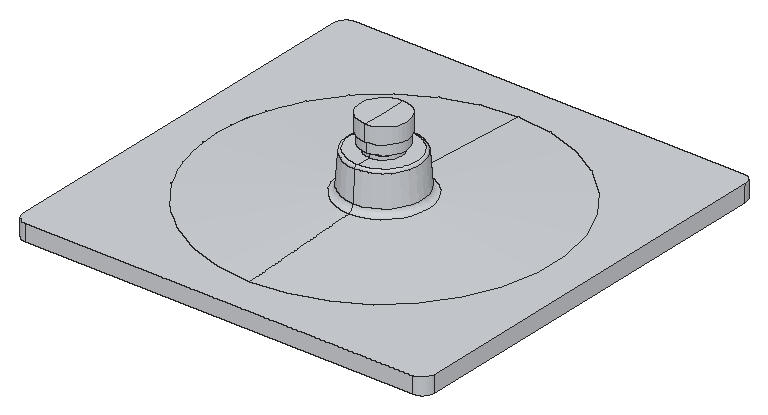
Revit family "ShowerHead-RainQshowerhead-Vitra-ShowerSystems-A45707", category Plumbing Fixtures, Revit 2017
Family settings
  Round Connector Dimension = Use Diameter
  Part Type = Normal
  OmniClass Number = 23.45.00.00
  OmniClass Title = Sanitary, Laundry, and Cleaning Equipment
  Work Plane-Based = Yes
  Always vertical = No
  Cut with Voids When Loaded = No
  Shared = Yes
  Room Calculation Point = No
Parameters (values of type "ShowerHead-RainQ-Vitra-ShowerSystems-A45707STA")
  Youtube = ""
  Weight Net (kg) = ""
  Waste Connection = no
  Warranty Period (Year) = "5"
  Vent Connection = no
  Uniformat II Description = "Plumbing Fixtures"
  Uniformat II Code = "D2010"
  Uniclass 2015 Name = "Shower heads"
  Uniclass 2015 Code = "Pr_40_20_87_76"
  Uniclass 2.0 Description = "Shower Heads"
  Uniclass 2.0 Code = "PR-35-06-81"
  Uniclass 1.4 Description = "Showers"
  Uniclass 1.4 Code = "L7214"
  URL = "https://vitraglobal.com/"
  UNSPSC Description = ""
  UNSPSC Code = ""
  Test Pressure = "16 bar"
  Technical description = "https://www.vitra.com.tr/pdf/A45707STA/"
  Tap hole Options (default) = ""
  Specification = ""
  Region South America = "All"
  Region Oceania = "All"
  Region North America = "All"
  Region Middle East = "All"
  Region Europe = "All"
  Region Asia = "All"
  Region Antarctica = "All"
  Region Africa = "All"
  Range of flow pressure = "0.5-10 bar (Recommended 3-5 Bars)"
  Range of Hot Water Supply = "5 - 65 °C"
  Product url = "https://www.vitra.com.tr/dus-sistemleri/dus-basliklari/dus-basliklari/rain-q-dus-basligi-sku-A45707STA/"
  Product manual = ""
  Product group = "Overhead showers"
  Product family = "Shower Systems"
  Product data url = ""
  Product certification = "https://www.vitraglobal.com/brochures/"
  Product Type = ""
  Product SKU = "A45707STA"
  Product Properties = ""
  Product Guid = ""
  OmniClass Description = "Shower Head Fixtures"
  OmniClass Code = "23-31 17 19"
  Number Of Connections = "1"
  Nominal Width (mm) = 220 mm
  Nominal Height (mm) = 55 mm
  Nominal Depth (mm) = 220 mm
  NBS Referans Description = ""
  NBS Referans Code = ""
  Mounting type = "Pipe Connect"
  Model = "A45707STA"
  Min. flow pressure of = "0.5 bar"
  Masterformat 2014 Description = "Residential Showers"
  Masterformat 2014 Code = "22 41 23"
  Manufacturer name = "Vitra"
  Manufacturer = "Vitra"
  Main Material = ""
  Installation instructions = ""
  IFC Classification = "Sanitary Terminal"
  Hot Water temperature, factory set to = "38 °C"
  Hot Water Supply (max.) = "80 °C"
  Help = ""
  HW Connection = yes
  GTIP code = ""
  Flow Rate(L/min. - 3 bar) = ""
  Features = ""
  EAN code = ""
  Design country = ""
  Description = "Faucets&Shower systems - Rain Q"
  Default Elevation = 1800 mm
  Connection Diameter (mm) = 15 mm
  Color = "Chrome"
  Coating Material = Chrome
  Calculated flow = ""
  CW Connection = yes
  COBIe Type Category = ""
  Brand = "Vitra"
  BIMobject category = "Showers"
  Article No. (default) = "A45707STA"
  Approvals = ""
  ApplicationType = ""
  Accessories (default) = ""
Reference planes
  plane 1 "Center (Front/Back)": y = 0
  plane 2: z = 0
  plane 3 "Center (Left/Right)": x = 0
  plane 4: z = -55
  plane 5: x = -110
  plane 6: x = 110
  plane 7: y = 109.995
  plane 8: y = -110.005
Forms (mm)
  Extrusion 1, solid, detail levels medium+fine
    sketch origin (0, 0, 0) x (1, 0, 0) y (0, 1, 0)
      loop
        line (103.5, 110.62) -> (-103.5, 110.62)
        arc (-103.5, 110.62) -> (-108.096, 108.717) -> (-110, 104.12) r 6.5
        line (-110, 104.12) -> (-110, -103.548)
        arc (-110, -103.548) -> (-108.109, -108.113) -> (-103.543, -110.005) r 6.457
        line (-103.543, -110.005) -> (103.5, -110.005)
        arc (103.5, -110.005) -> (108.096, -108.101) -> (110, -103.505) r 6.5
        line (110, -103.505) -> (110, 104.12)
        arc (110, 104.12) -> (108.096, 108.717) -> (103.5, 110.62) r 6.5
    from -41.513 to -50.231
  Revolve 2, solid, detail levels medium+fine
    sketch origin (0, 0, 0) x (0, 1, 0) y (0, 0, 1)
      loop
        line (0, 0) -> (0, -41.513) -> (90, -41.513) -> (23.665, -38.037)
        arc (23.665, -38.037) -> (21.398, -37.04) -> (20.362, -34.791) r 3.495
        line (20.362, -34.791) -> (19.225, -18.53)
        arc (19.225, -18.53) -> (18.797, -17.633) -> (17.872, -17.269) r 1.355
        line (17.872, -17.269) -> (9.689, -17.269) -> (9.689, -15.255) -> (11.585, -14.161) -> (11.585, -8.5) -> (12.613, -8.5) -> (12.613, 0) -> (0, 0)
      axis (0, 0) -> (0, -41.513)
    angle from 0 to 360
  Extrusion 3, solid, detail levels fine
    sketch origin (0, 0, 0) x (1, 0, 0) y (0, 1, 0)
      loop
        circle (-91.828, 92.401) r 2
    from -52.546 to -48.782
  Extrusion 4, solid, detail levels fine
    sketch origin (183.568, 0, 0) x (1, 0, 0) y (0, 1, 0)
      loop
        circle (-91.828, 92.401) r 2
    from -52.546 to -48.782
  Extrusion 5, solid, detail levels medium+fine
    sketch origin (16.688, 0, 0) x (1, 0, 0) y (0, 1, 0)
      loop
        circle (-91.828, 92.401) r 2
    from -52.546 to -48.782
  Extrusion 6, solid, detail levels fine
    sketch origin (33.376, 0, 0) x (1, 0, 0) y (0, 1, 0)
      loop
        circle (-91.828, 92.401) r 2
    from -52.546 to -48.782
  Extrusion 7, solid, detail levels fine
    sketch origin (50.064, 0, 0) x (1, 0, 0) y (0, 1, 0)
      loop
        circle (-91.828, 92.401) r 2
    from -52.546 to -48.782
  Extrusion 8, solid, detail levels fine
    sketch origin (66.752, 0, 0) x (1, 0, 0) y (0, 1, 0)
      loop
        circle (-91.828, 92.401) r 2
    from -52.546 to -48.782
  Extrusion 9, solid, detail levels fine
    sketch origin (83.44, 0, 0) x (1, 0, 0) y (0, 1, 0)
      loop
        circle (-91.828, 92.401) r 2
    from -52.546 to -48.782
  Extrusion 10, solid, detail levels fine
    sketch origin (100.128, 0, 0) x (1, 0, 0) y (0, 1, 0)
      loop
        circle (-91.828, 92.401) r 2
    from -52.546 to -48.782
  Extrusion 11, solid, detail levels fine
    sketch origin (116.816, 0, 0) x (1, 0, 0) y (0, 1, 0)
      loop
        circle (-91.828, 92.401) r 2
    from -52.546 to -48.782
  Extrusion 12, solid, detail levels fine
    sketch origin (133.504, 0, 0) x (1, 0, 0) y (0, 1, 0)
      loop
        circle (-91.828, 92.401) r 2
    from -52.546 to -48.782
  Extrusion 13, solid, detail levels fine
    sketch origin (150.192, 0, 0) x (1, 0, 0) y (0, 1, 0)
      loop
        circle (-91.828, 92.401) r 2
    from -52.546 to -48.782
  Extrusion 14, solid, detail levels fine
    sketch origin (166.88, 0, 0) x (1, 0, 0) y (0, 1, 0)
      loop
        circle (-91.828, 92.401) r 2
    from -52.546 to -48.782
  Extrusion 15, solid, detail levels fine
    sketch origin (0, -183.666, 0) x (1, 0, 0) y (0, 1, 0)
      loop
        circle (-91.828, 92.401) r 2
    from -52.546 to -48.782
  Extrusion 16, solid, detail levels fine
    sketch origin (183.568, -183.666, 0) x (1, 0, 0) y (0, 1, 0)
      loop
        circle (-91.828, 92.401) r 2
    from -52.546 to -48.782
  Extrusion 17, solid, detail levels fine
    sketch origin (16.688, -183.666, 0) x (1, 0, 0) y (0, 1, 0)
      loop
        circle (-91.828, 92.401) r 2
    from -52.546 to -48.782
  Extrusion 18, solid, detail levels fine
    sketch origin (33.376, -183.666, 0) x (1, 0, 0) y (0, 1, 0)
      loop
        circle (-91.828, 92.401) r 2
    from -52.546 to -48.782
  Extrusion 19, solid, detail levels fine
    sketch origin (50.064, -183.666, 0) x (1, 0, 0) y (0, 1, 0)
      loop
        circle (-91.828, 92.401) r 2
    from -52.546 to -48.782
  Extrusion 20, solid, detail levels fine
    sketch origin (66.752, -183.666, 0) x (1, 0, 0) y (0, 1, 0)
      loop
        circle (-91.828, 92.401) r 2
    from -52.546 to -48.782
  Extrusion 21, solid, detail levels fine
    sketch origin (83.44, -183.666, 0) x (1, 0, 0) y (0, 1, 0)
      loop
        circle (-91.828, 92.401) r 2
    from -52.546 to -48.782
  Extrusion 22, solid, detail levels fine
    sketch origin (100.128, -183.666, 0) x (1, 0, 0) y (0, 1, 0)
      loop
        circle (-91.828, 92.401) r 2
    from -52.546 to -48.782
  Extrusion 23, solid, detail levels fine
    sketch origin (116.816, -183.666, 0) x (1, 0, 0) y (0, 1, 0)
      loop
        circle (-91.828, 92.401) r 2
    from -52.546 to -48.782
  Extrusion 24, solid, detail levels fine
    sketch origin (133.504, -183.666, 0) x (1, 0, 0) y (0, 1, 0)
      loop
        circle (-91.828, 92.401) r 2
    from -52.546 to -48.782
  Extrusion 25, solid, detail levels fine
    sketch origin (150.192, -183.666, 0) x (1, 0, 0) y (0, 1, 0)
      loop
        circle (-91.828, 92.401) r 2
    from -52.546 to -48.782
  Extrusion 26, solid, detail levels fine
    sketch origin (166.88, -183.666, 0) x (1, 0, 0) y (0, 1, 0)
      loop
        circle (-91.828, 92.401) r 2
    from -52.546 to -48.782
  Extrusion 27, solid, detail levels fine
    sketch origin (0, -16.697, 0) x (1, 0, 0) y (0, 1, 0)
      loop
        circle (-91.828, 92.401) r 2
    from -52.546 to -48.782
  Extrusion 28, solid, detail levels fine
    sketch origin (183.568, -16.697, 0) x (1, 0, 0) y (0, 1, 0)
      loop
        circle (-91.828, 92.401) r 2
    from -52.546 to -48.782
  Extrusion 29, solid, detail levels fine
    sketch origin (16.688, -16.697, 0) x (1, 0, 0) y (0, 1, 0)
      loop
        circle (-91.828, 92.401) r 2
    from -52.546 to -48.782
  Extrusion 30, solid, detail levels fine
    sketch origin (33.376, -16.697, 0) x (1, 0, 0) y (0, 1, 0)
      loop
        circle (-91.828, 92.401) r 2
    from -52.546 to -48.782
  Extrusion 31, solid, detail levels fine
    sketch origin (50.064, -16.697, 0) x (1, 0, 0) y (0, 1, 0)
      loop
        circle (-91.828, 92.401) r 2
    from -52.546 to -48.782
  Extrusion 32, solid, detail levels fine
    sketch origin (66.752, -16.697, 0) x (1, 0, 0) y (0, 1, 0)
      loop
        circle (-91.828, 92.401) r 2
    from -52.546 to -48.782
  Extrusion 33, solid, detail levels fine
    sketch origin (83.44, -16.697, 0) x (1, 0, 0) y (0, 1, 0)
      loop
        circle (-91.828, 92.401) r 2
    from -52.546 to -48.782
  Extrusion 34, solid, detail levels fine
    sketch origin (100.128, -16.697, 0) x (1, 0, 0) y (0, 1, 0)
      loop
        circle (-91.828, 92.401) r 2
    from -52.546 to -48.782
  Extrusion 35, solid, detail levels fine
    sketch origin (116.816, -16.697, 0) x (1, 0, 0) y (0, 1, 0)
      loop
        circle (-91.828, 92.401) r 2
    from -52.546 to -48.782
  Extrusion 36, solid, detail levels fine
    sketch origin (133.504, -16.697, 0) x (1, 0, 0) y (0, 1, 0)
      loop
        circle (-91.828, 92.401) r 2
    from -52.546 to -48.782
  Extrusion 37, solid, detail levels fine
    sketch origin (150.192, -16.697, 0) x (1, 0, 0) y (0, 1, 0)
      loop
        circle (-91.828, 92.401) r 2
    from -52.546 to -48.782
  Extrusion 38, solid, detail levels fine
    sketch origin (166.88, -16.697, 0) x (1, 0, 0) y (0, 1, 0)
      loop
        circle (-91.828, 92.401) r 2
    from -52.546 to -48.782
  Extrusion 39, solid, detail levels fine
    sketch origin (0, -33.394, 0) x (1, 0, 0) y (0, 1, 0)
      loop
        circle (-91.828, 92.401) r 2
    from -52.546 to -48.782
  Extrusion 40, solid, detail levels fine
    sketch origin (183.568, -33.394, 0) x (1, 0, 0) y (0, 1, 0)
      loop
        circle (-91.828, 92.401) r 2
    from -52.546 to -48.782
  Extrusion 41, solid, detail levels fine
    sketch origin (16.688, -33.394, 0) x (1, 0, 0) y (0, 1, 0)
      loop
        circle (-91.828, 92.401) r 2
    from -52.546 to -48.782
  Extrusion 42, solid, detail levels fine
    sketch origin (33.376, -33.394, 0) x (1, 0, 0) y (0, 1, 0)
      loop
        circle (-91.828, 92.401) r 2
    from -52.546 to -48.782
  Extrusion 43, solid, detail levels fine
    sketch origin (50.064, -33.394, 0) x (1, 0, 0) y (0, 1, 0)
      loop
        circle (-91.828, 92.401) r 2
    from -52.546 to -48.782
  Extrusion 44, solid, detail levels fine
    sketch origin (66.752, -33.394, 0) x (1, 0, 0) y (0, 1, 0)
      loop
        circle (-91.828, 92.401) r 2
    from -52.546 to -48.782
  Extrusion 45, solid, detail levels fine
    sketch origin (83.44, -33.394, 0) x (1, 0, 0) y (0, 1, 0)
      loop
        circle (-91.828, 92.401) r 2
    from -52.546 to -48.782
  Extrusion 46, solid, detail levels fine
    sketch origin (100.128, -33.394, 0) x (1, 0, 0) y (0, 1, 0)
      loop
        circle (-91.828, 92.401) r 2
    from -52.546 to -48.782
  Extrusion 47, solid, detail levels fine
    sketch origin (116.816, -33.394, 0) x (1, 0, 0) y (0, 1, 0)
      loop
        circle (-91.828, 92.401) r 2
    from -52.546 to -48.782
  Extrusion 48, solid, detail levels fine
    sketch origin (133.504, -33.394, 0) x (1, 0, 0) y (0, 1, 0)
      loop
        circle (-91.828, 92.401) r 2
    from -52.546 to -48.782
  Extrusion 49, solid, detail levels fine
    sketch origin (150.192, -33.394, 0) x (1, 0, 0) y (0, 1, 0)
      loop
        circle (-91.828, 92.401) r 2
    from -52.546 to -48.782
  Extrusion 50, solid, detail levels fine
    sketch origin (166.88, -33.394, 0) x (1, 0, 0) y (0, 1, 0)
      loop
        circle (-91.828, 92.401) r 2
    from -52.546 to -48.782
  Extrusion 51, solid, detail levels fine
    sketch origin (0, -50.091, 0) x (1, 0, 0) y (0, 1, 0)
      loop
        circle (-91.828, 92.401) r 2
    from -52.546 to -48.782
  Extrusion 52, solid, detail levels fine
    sketch origin (183.568, -50.091, 0) x (1, 0, 0) y (0, 1, 0)
      loop
        circle (-91.828, 92.401) r 2
    from -52.546 to -48.782
  Extrusion 53, solid, detail levels fine
    sketch origin (16.688, -50.091, 0) x (1, 0, 0) y (0, 1, 0)
      loop
        circle (-91.828, 92.401) r 2
    from -52.546 to -48.782
  Extrusion 54, solid, detail levels fine
    sketch origin (33.376, -50.091, 0) x (1, 0, 0) y (0, 1, 0)
      loop
        circle (-91.828, 92.401) r 2
    from -52.546 to -48.782
  Extrusion 55, solid, detail levels fine
    sketch origin (50.064, -50.091, 0) x (1, 0, 0) y (0, 1, 0)
      loop
        circle (-91.828, 92.401) r 2
    from -52.546 to -48.782
  Extrusion 56, solid, detail levels fine
    sketch origin (66.752, -50.091, 0) x (1, 0, 0) y (0, 1, 0)
      loop
        circle (-91.828, 92.401) r 2
    from -52.546 to -48.782
  Extrusion 57, solid, detail levels fine
    sketch origin (83.44, -50.091, 0) x (1, 0, 0) y (0, 1, 0)
      loop
        circle (-91.828, 92.401) r 2
    from -52.546 to -48.782
  Extrusion 58, solid, detail levels fine
    sketch origin (100.128, -50.091, 0) x (1, 0, 0) y (0, 1, 0)
      loop
        circle (-91.828, 92.401) r 2
    from -52.546 to -48.782
  Extrusion 59, solid, detail levels fine
    sketch origin (116.816, -50.091, 0) x (1, 0, 0) y (0, 1, 0)
      loop
        circle (-91.828, 92.401) r 2
    from -52.546 to -48.782
  Extrusion 60, solid, detail levels fine
    sketch origin (133.504, -50.091, 0) x (1, 0, 0) y (0, 1, 0)
      loop
        circle (-91.828, 92.401) r 2
    from -52.546 to -48.782
  Extrusion 61, solid, detail levels fine
    sketch origin (150.192, -50.091, 0) x (1, 0, 0) y (0, 1, 0)
      loop
        circle (-91.828, 92.401) r 2
    from -52.546 to -48.782
  Extrusion 62, solid, detail levels fine
    sketch origin (166.88, -50.091, 0) x (1, 0, 0) y (0, 1, 0)
      loop
        circle (-91.828, 92.401) r 2
    from -52.546 to -48.782
  Extrusion 63, solid, detail levels fine
    sketch origin (0, -66.788, 0) x (1, 0, 0) y (0, 1, 0)
      loop
        circle (-91.828, 92.401) r 2
    from -52.546 to -48.782
  Extrusion 64, solid, detail levels fine
    sketch origin (183.568, -66.788, 0) x (1, 0, 0) y (0, 1, 0)
      loop
        circle (-91.828, 92.401) r 2
    from -52.546 to -48.782
  Extrusion 65, solid, detail levels fine
    sketch origin (16.688, -66.788, 0) x (1, 0, 0) y (0, 1, 0)
      loop
        circle (-91.828, 92.401) r 2
    from -52.546 to -48.782
  Extrusion 66, solid, detail levels fine
    sketch origin (33.376, -66.788, 0) x (1, 0, 0) y (0, 1, 0)
      loop
        circle (-91.828, 92.401) r 2
    from -52.546 to -48.782
  Extrusion 67, solid, detail levels fine
    sketch origin (50.064, -66.788, 0) x (1, 0, 0) y (0, 1, 0)
      loop
        circle (-91.828, 92.401) r 2
    from -52.546 to -48.782
  Extrusion 68, solid, detail levels fine
    sketch origin (66.752, -66.788, 0) x (1, 0, 0) y (0, 1, 0)
      loop
        circle (-91.828, 92.401) r 2
    from -52.546 to -48.782
  Extrusion 69, solid, detail levels fine
    sketch origin (83.44, -66.788, 0) x (1, 0, 0) y (0, 1, 0)
      loop
        circle (-91.828, 92.401) r 2
    from -52.546 to -48.782
  Extrusion 70, solid, detail levels fine
    sketch origin (100.128, -66.788, 0) x (1, 0, 0) y (0, 1, 0)
      loop
        circle (-91.828, 92.401) r 2
    from -52.546 to -48.782
  Extrusion 71, solid, detail levels fine
    sketch origin (116.816, -66.788, 0) x (1, 0, 0) y (0, 1, 0)
      loop
        circle (-91.828, 92.401) r 2
    from -52.546 to -48.782
  Extrusion 72, solid, detail levels fine
    sketch origin (133.504, -66.788, 0) x (1, 0, 0) y (0, 1, 0)
      loop
        circle (-91.828, 92.401) r 2
    from -52.546 to -48.782
  Extrusion 73, solid, detail levels fine
    sketch origin (150.192, -66.788, 0) x (1, 0, 0) y (0, 1, 0)
      loop
        circle (-91.828, 92.401) r 2
    from -52.546 to -48.782
  Extrusion 74, solid, detail levels fine
    sketch origin (166.88, -66.788, 0) x (1, 0, 0) y (0, 1, 0)
      loop
        circle (-91.828, 92.401) r 2
    from -52.546 to -48.782
  Extrusion 75, solid, detail levels fine
    sketch origin (0, -83.485, 0) x (1, 0, 0) y (0, 1, 0)
      loop
        circle (-91.828, 92.401) r 2
    from -52.546 to -48.782
  Extrusion 76, solid, detail levels fine
    sketch origin (183.568, -83.485, 0) x (1, 0, 0) y (0, 1, 0)
      loop
        circle (-91.828, 92.401) r 2
    from -52.546 to -48.782
  Extrusion 77, solid, detail levels fine
    sketch origin (16.688, -83.485, 0) x (1, 0, 0) y (0, 1, 0)
      loop
        circle (-91.828, 92.401) r 2
    from -52.546 to -48.782
  Extrusion 78, solid, detail levels fine
    sketch origin (33.376, -83.485, 0) x (1, 0, 0) y (0, 1, 0)
      loop
        circle (-91.828, 92.401) r 2
    from -52.546 to -48.782
  Extrusion 79, solid, detail levels fine
    sketch origin (50.064, -83.485, 0) x (1, 0, 0) y (0, 1, 0)
      loop
        circle (-91.828, 92.401) r 2
    from -52.546 to -48.782
  Extrusion 80, solid, detail levels fine
    sketch origin (66.752, -83.485, 0) x (1, 0, 0) y (0, 1, 0)
      loop
        circle (-91.828, 92.401) r 2
    from -52.546 to -48.782
  Extrusion 81, solid, detail levels fine
    sketch origin (83.44, -83.485, 0) x (1, 0, 0) y (0, 1, 0)
      loop
        circle (-91.828, 92.401) r 2
    from -52.546 to -48.782
  Extrusion 82, solid, detail levels fine
    sketch origin (100.128, -83.485, 0) x (1, 0, 0) y (0, 1, 0)
      loop
        circle (-91.828, 92.401) r 2
    from -52.546 to -48.782
  Extrusion 83, solid, detail levels fine
    sketch origin (116.816, -83.485, 0) x (1, 0, 0) y (0, 1, 0)
      loop
        circle (-91.828, 92.401) r 2
    from -52.546 to -48.782
  Extrusion 84, solid, detail levels fine
    sketch origin (133.504, -83.485, 0) x (1, 0, 0) y (0, 1, 0)
      loop
        circle (-91.828, 92.401) r 2
    from -52.546 to -48.782
  Extrusion 85, solid, detail levels fine
    sketch origin (150.192, -83.485, 0) x (1, 0, 0) y (0, 1, 0)
      loop
        circle (-91.828, 92.401) r 2
    from -52.546 to -48.782
  Extrusion 86, solid, detail levels fine
    sketch origin (166.88, -83.485, 0) x (1, 0, 0) y (0, 1, 0)
      loop
        circle (-91.828, 92.401) r 2
    from -52.546 to -48.782
  Extrusion 87, solid, detail levels fine
    sketch origin (0, -100.181, 0) x (1, 0, 0) y (0, 1, 0)
      loop
        circle (-91.828, 92.401) r 2
    from -52.546 to -48.782
  Extrusion 88, solid, detail levels fine
    sketch origin (183.568, -100.181, 0) x (1, 0, 0) y (0, 1, 0)
      loop
        circle (-91.828, 92.401) r 2
    from -52.546 to -48.782
  Extrusion 89, solid, detail levels fine
    sketch origin (16.688, -100.181, 0) x (1, 0, 0) y (0, 1, 0)
      loop
        circle (-91.828, 92.401) r 2
    from -52.546 to -48.782
  Extrusion 90, solid, detail levels fine
    sketch origin (33.376, -100.181, 0) x (1, 0, 0) y (0, 1, 0)
      loop
        circle (-91.828, 92.401) r 2
    from -52.546 to -48.782
  Extrusion 91, solid, detail levels fine
    sketch origin (50.064, -100.181, 0) x (1, 0, 0) y (0, 1, 0)
      loop
        circle (-91.828, 92.401) r 2
    from -52.546 to -48.782
  Extrusion 92, solid, detail levels fine
    sketch origin (66.752, -100.181, 0) x (1, 0, 0) y (0, 1, 0)
      loop
        circle (-91.828, 92.401) r 2
    from -52.546 to -48.782
  Extrusion 93, solid, detail levels fine
    sketch origin (83.44, -100.181, 0) x (1, 0, 0) y (0, 1, 0)
      loop
        circle (-91.828, 92.401) r 2
    from -52.546 to -48.782
  Extrusion 94, solid, detail levels fine
    sketch origin (100.128, -100.181, 0) x (1, 0, 0) y (0, 1, 0)
      loop
        circle (-91.828, 92.401) r 2
    from -52.546 to -48.782
  Extrusion 95, solid, detail levels fine
    sketch origin (116.816, -100.181, 0) x (1, 0, 0) y (0, 1, 0)
      loop
        circle (-91.828, 92.401) r 2
    from -52.546 to -48.782
  Extrusion 96, solid, detail levels fine
    sketch origin (133.504, -100.181, 0) x (1, 0, 0) y (0, 1, 0)
      loop
        circle (-91.828, 92.401) r 2
    from -52.546 to -48.782
  Extrusion 97, solid, detail levels fine
    sketch origin (150.192, -100.181, 0) x (1, 0, 0) y (0, 1, 0)
      loop
        circle (-91.828, 92.401) r 2
    from -52.546 to -48.782
  Extrusion 98, solid, detail levels fine
    sketch origin (166.88, -100.181, 0) x (1, 0, 0) y (0, 1, 0)
      loop
        circle (-91.828, 92.401) r 2
    from -52.546 to -48.782
  Extrusion 99, solid, detail levels fine
    sketch origin (0, -116.878, 0) x (1, 0, 0) y (0, 1, 0)
      loop
        circle (-91.828, 92.401) r 2
    from -52.546 to -48.782
  Extrusion 100, solid, detail levels fine
    sketch origin (183.568, -116.878, 0) x (1, 0, 0) y (0, 1, 0)
      loop
        circle (-91.828, 92.401) r 2
    from -52.546 to -48.782
  Extrusion 101, solid, detail levels fine
    sketch origin (16.688, -116.878, 0) x (1, 0, 0) y (0, 1, 0)
      loop
        circle (-91.828, 92.401) r 2
    from -52.546 to -48.782
  Extrusion 102, solid, detail levels fine
    sketch origin (33.376, -116.878, 0) x (1, 0, 0) y (0, 1, 0)
      loop
        circle (-91.828, 92.401) r 2
    from -52.546 to -48.782
  Extrusion 103, solid, detail levels fine
    sketch origin (50.064, -116.878, 0) x (1, 0, 0) y (0, 1, 0)
      loop
        circle (-91.828, 92.401) r 2
    from -52.546 to -48.782
  Extrusion 104, solid, detail levels fine
    sketch origin (66.752, -116.878, 0) x (1, 0, 0) y (0, 1, 0)
      loop
        circle (-91.828, 92.401) r 2
    from -52.546 to -48.782
  Extrusion 105, solid, detail levels fine
    sketch origin (83.44, -116.878, 0) x (1, 0, 0) y (0, 1, 0)
      loop
        circle (-91.828, 92.401) r 2
    from -52.546 to -48.782
  Extrusion 106, solid, detail levels fine
    sketch origin (100.128, -116.878, 0) x (1, 0, 0) y (0, 1, 0)
      loop
        circle (-91.828, 92.401) r 2
    from -52.546 to -48.782
  Extrusion 107, solid, detail levels fine
    sketch origin (116.816, -116.878, 0) x (1, 0, 0) y (0, 1, 0)
      loop
        circle (-91.828, 92.401) r 2
    from -52.546 to -48.782
  Extrusion 108, solid, detail levels fine
    sketch origin (133.504, -116.878, 0) x (1, 0, 0) y (0, 1, 0)
      loop
        circle (-91.828, 92.401) r 2
    from -52.546 to -48.782
  Extrusion 109, solid, detail levels fine
    sketch origin (150.192, -116.878, 0) x (1, 0, 0) y (0, 1, 0)
      loop
        circle (-91.828, 92.401) r 2
    from -52.546 to -48.782
  Extrusion 110, solid, detail levels fine
    sketch origin (166.88, -116.878, 0) x (1, 0, 0) y (0, 1, 0)
      loop
        circle (-91.828, 92.401) r 2
    from -52.546 to -48.782
  Extrusion 111, solid, detail levels fine
    sketch origin (0, -133.575, 0) x (1, 0, 0) y (0, 1, 0)
      loop
        circle (-91.828, 92.401) r 2
    from -52.546 to -48.782
  Extrusion 112, solid, detail levels fine
    sketch origin (183.568, -133.575, 0) x (1, 0, 0) y (0, 1, 0)
      loop
        circle (-91.828, 92.401) r 2
    from -52.546 to -48.782
  Extrusion 113, solid, detail levels fine
    sketch origin (16.688, -133.575, 0) x (1, 0, 0) y (0, 1, 0)
      loop
        circle (-91.828, 92.401) r 2
    from -52.546 to -48.782
  Extrusion 114, solid, detail levels fine
    sketch origin (33.376, -133.575, 0) x (1, 0, 0) y (0, 1, 0)
      loop
        circle (-91.828, 92.401) r 2
    from -52.546 to -48.782
  Extrusion 115, solid, detail levels fine
    sketch origin (50.064, -133.575, 0) x (1, 0, 0) y (0, 1, 0)
      loop
        circle (-91.828, 92.401) r 2
    from -52.546 to -48.782
  Extrusion 116, solid, detail levels fine
    sketch origin (66.752, -133.575, 0) x (1, 0, 0) y (0, 1, 0)
      loop
        circle (-91.828, 92.401) r 2
    from -52.546 to -48.782
  Extrusion 117, solid, detail levels fine
    sketch origin (83.44, -133.575, 0) x (1, 0, 0) y (0, 1, 0)
      loop
        circle (-91.828, 92.401) r 2
    from -52.546 to -48.782
  Extrusion 118, solid, detail levels fine
    sketch origin (100.128, -133.575, 0) x (1, 0, 0) y (0, 1, 0)
      loop
        circle (-91.828, 92.401) r 2
    from -52.546 to -48.782
  Extrusion 119, solid, detail levels fine
    sketch origin (116.816, -133.575, 0) x (1, 0, 0) y (0, 1, 0)
      loop
        circle (-91.828, 92.401) r 2
    from -52.546 to -48.782
  Extrusion 120, solid, detail levels fine
    sketch origin (133.504, -133.575, 0) x (1, 0, 0) y (0, 1, 0)
      loop
        circle (-91.828, 92.401) r 2
    from -52.546 to -48.782
  Extrusion 121, solid, detail levels fine
    sketch origin (150.192, -133.575, 0) x (1, 0, 0) y (0, 1, 0)
      loop
        circle (-91.828, 92.401) r 2
    from -52.546 to -48.782
  Extrusion 122, solid, detail levels fine
    sketch origin (166.88, -133.575, 0) x (1, 0, 0) y (0, 1, 0)
      loop
        circle (-91.828, 92.401) r 2
    from -52.546 to -48.782
  Extrusion 123, solid, detail levels fine
    sketch origin (0, -150.272, 0) x (1, 0, 0) y (0, 1, 0)
      loop
        circle (-91.828, 92.401) r 2
    from -52.546 to -48.782
  Extrusion 124, solid, detail levels fine
    sketch origin (183.568, -150.272, 0) x (1, 0, 0) y (0, 1, 0)
      loop
        circle (-91.828, 92.401) r 2
    from -52.546 to -48.782
  Extrusion 125, solid, detail levels fine
    sketch origin (16.688, -150.272, 0) x (1, 0, 0) y (0, 1, 0)
      loop
        circle (-91.828, 92.401) r 2
    from -52.546 to -48.782
  Extrusion 126, solid, detail levels fine
    sketch origin (33.376, -150.272, 0) x (1, 0, 0) y (0, 1, 0)
      loop
        circle (-91.828, 92.401) r 2
    from -52.546 to -48.782
  Extrusion 127, solid, detail levels fine
    sketch origin (50.064, -150.272, 0) x (1, 0, 0) y (0, 1, 0)
      loop
        circle (-91.828, 92.401) r 2
    from -52.546 to -48.782
  Extrusion 128, solid, detail levels fine
    sketch origin (66.752, -150.272, 0) x (1, 0, 0) y (0, 1, 0)
      loop
        circle (-91.828, 92.401) r 2
    from -52.546 to -48.782
  Extrusion 129, solid, detail levels fine
    sketch origin (83.44, -150.272, 0) x (1, 0, 0) y (0, 1, 0)
      loop
        circle (-91.828, 92.401) r 2
    from -52.546 to -48.782
  Extrusion 130, solid, detail levels fine
    sketch origin (100.128, -150.272, 0) x (1, 0, 0) y (0, 1, 0)
      loop
        circle (-91.828, 92.401) r 2
    from -52.546 to -48.782
  Extrusion 131, solid, detail levels fine
    sketch origin (116.816, -150.272, 0) x (1, 0, 0) y (0, 1, 0)
      loop
        circle (-91.828, 92.401) r 2
    from -52.546 to -48.782
  Extrusion 132, solid, detail levels fine
    sketch origin (133.504, -150.272, 0) x (1, 0, 0) y (0, 1, 0)
      loop
        circle (-91.828, 92.401) r 2
    from -52.546 to -48.782
  Extrusion 133, solid, detail levels fine
    sketch origin (150.192, -150.272, 0) x (1, 0, 0) y (0, 1, 0)
      loop
        circle (-91.828, 92.401) r 2
    from -52.546 to -48.782
  Extrusion 134, solid, detail levels fine
    sketch origin (166.88, -150.272, 0) x (1, 0, 0) y (0, 1, 0)
      loop
        circle (-91.828, 92.401) r 2
    from -52.546 to -48.782
  Extrusion 135, solid, detail levels fine
    sketch origin (0, -166.969, 0) x (1, 0, 0) y (0, 1, 0)
      loop
        circle (-91.828, 92.401) r 2
    from -52.546 to -48.782
  Extrusion 136, solid, detail levels fine
    sketch origin (183.568, -166.969, 0) x (1, 0, 0) y (0, 1, 0)
      loop
        circle (-91.828, 92.401) r 2
    from -52.546 to -48.782
  Extrusion 137, solid, detail levels fine
    sketch origin (16.688, -166.969, 0) x (1, 0, 0) y (0, 1, 0)
      loop
        circle (-91.828, 92.401) r 2
    from -52.546 to -48.782
  Extrusion 138, solid, detail levels fine
    sketch origin (33.376, -166.969, 0) x (1, 0, 0) y (0, 1, 0)
      loop
        circle (-91.828, 92.401) r 2
    from -52.546 to -48.782
  Extrusion 139, solid, detail levels fine
    sketch origin (50.064, -166.969, 0) x (1, 0, 0) y (0, 1, 0)
      loop
        circle (-91.828, 92.401) r 2
    from -52.546 to -48.782
  Extrusion 140, solid, detail levels fine
    sketch origin (66.752, -166.969, 0) x (1, 0, 0) y (0, 1, 0)
      loop
        circle (-91.828, 92.401) r 2
    from -52.546 to -48.782
  Extrusion 141, solid, detail levels fine
    sketch origin (83.44, -166.969, 0) x (1, 0, 0) y (0, 1, 0)
      loop
        circle (-91.828, 92.401) r 2
    from -52.546 to -48.782
  Extrusion 142, solid, detail levels fine
    sketch origin (100.128, -166.969, 0) x (1, 0, 0) y (0, 1, 0)
      loop
        circle (-91.828, 92.401) r 2
    from -52.546 to -48.782
  Extrusion 143, solid, detail levels fine
    sketch origin (116.816, -166.969, 0) x (1, 0, 0) y (0, 1, 0)
      loop
        circle (-91.828, 92.401) r 2
    from -52.546 to -48.782
  Extrusion 144, solid, detail levels fine
    sketch origin (133.504, -166.969, 0) x (1, 0, 0) y (0, 1, 0)
      loop
        circle (-91.828, 92.401) r 2
    from -52.546 to -48.782
  Extrusion 145, solid, detail levels fine
    sketch origin (150.192, -166.969, 0) x (1, 0, 0) y (0, 1, 0)
      loop
        circle (-91.828, 92.401) r 2
    from -52.546 to -48.782
  Extrusion 146, solid, detail levels fine
    sketch origin (166.88, -166.969, 0) x (1, 0, 0) y (0, 1, 0)
      loop
        circle (-91.828, 92.401) r 2
    from -52.546 to -48.782
  Extrusion 147, solid, detail levels coarse
    sketch origin (0, 0, 0) x (1, 0, 0) y (0, 1, 0)
      loop
        line (110, 109.995) -> (-110, 109.995) -> (-110, -110.005) -> (110, -110.005) -> (110, 109.995)
    from 0 to -55
Cuts and joins
  joined: Extrusion 1, Revolve 2, Extrusion 5
Dimensions and locks
  "Nominal Height (mm)": level to plane 4
  "Nominal Width (mm)": plane 5 to plane 6
  "Nominal Depth (mm)": plane 7 to plane 8
Automatic sketch dimensions
  Extrusion 1 sketch curve to plane 5 = 0 mm
  plane 7 to Extrusion 1 sketch curve = 0.625 mm
  Extrusion 1 sketch curve to plane 8 = 0 mm
  Extrusion 1 sketch curve to plane 6 = 0 mm
  Extrusion 1 sketch curve to Extrusion 1 sketch curve = 6.5 mm
  Extrusion 1 sketch curve to Extrusion 1 sketch curve = 6.457 mm
  plane 6 to Extrusion 1 sketch curve = 6.5 mm  (x2)
  Revolve 2 sketch curve to plane 1 "Center (Front/Back)" = 0 mm  (x2)
  Revolve 2 sketch curve to level = 0 mm
  Revolve 2 sketch curve to plane 1 "Center (Front/Back)" = 9.689 mm
  Revolve 2 sketch curve to Revolve 2 sketch curve = 1.896 mm
  Revolve 2 sketch curve to Revolve 2 sketch curve = 1.028 mm
  Revolve 2 sketch curve to Revolve 2 sketch curve = 6.288 mm
  Revolve 2 sketch curve to Revolve 2 sketch curve = 1.352 mm
  Revolve 2 sketch curve to Revolve 2 sketch curve = 1.137 mm
  Revolve 2 sketch curve to Revolve 2 sketch curve = 3.303 mm
  Revolve 2 sketch curve to Revolve 2 sketch curve = 0.183 mm
  Revolve 2 sketch curve to plane 7 = 19.995 mm
  Revolve 2 sketch curve to level = 8.5 mm
  Revolve 2 sketch curve to Revolve 2 sketch curve = 5.661 mm
  Revolve 2 sketch curve to Revolve 2 sketch curve = 1.094 mm
  Revolve 2 sketch curve to Revolve 2 sketch curve = 2.014 mm
  Revolve 2 sketch curve to Revolve 2 sketch curve = 1.261 mm
  Revolve 2 sketch curve to Revolve 2 sketch curve = 16.017 mm
  Revolve 2 sketch curve to Revolve 2 sketch curve = 0.244 mm
  plane 4 to Revolve 2 sketch curve = 13.487 mm
  Revolve 2 sketch curve to Revolve 2 sketch curve = 3.487 mm
  Revolve 2 sketch curve to Revolve 2 sketch curve = 10 mm
  Extrusion 3 sketch curve to plane 5 = 18.172 mm
  Extrusion 3 sketch curve to plane 7 = 17.594 mm
  plane 6 to Extrusion 4 sketch curve = 18.26 mm
  Extrusion 4 sketch curve to plane 7 = 17.594 mm
  Extrusion 5 sketch curve to plane 5 = 34.86 mm
  Extrusion 5 sketch curve to plane 7 = 17.594 mm
  Extrusion 6 sketch curve to plane 7 = 17.594 mm
  Extrusion 6 sketch curve to plane 5 = 51.548 mm
  Extrusion 7 sketch curve to plane 7 = 17.594 mm
  Extrusion 7 sketch curve to plane 3 "Center (Left/Right)" = 41.764 mm
  Extrusion 8 sketch curve to plane 3 "Center (Left/Right)" = 25.076 mm
  Extrusion 8 sketch curve to plane 7 = 17.594 mm
  Extrusion 9 sketch curve to plane 3 "Center (Left/Right)" = 8.388 mm
  Extrusion 9 sketch curve to plane 7 = 17.594 mm
  plane 3 "Center (Left/Right)" to Extrusion 10 sketch curve = 8.3 mm
  Extrusion 10 sketch curve to plane 7 = 17.594 mm
  plane 3 "Center (Left/Right)" to Extrusion 11 sketch curve = 24.988 mm
  Extrusion 11 sketch curve to plane 7 = 17.594 mm
  Extrusion 12 sketch curve to plane 7 = 17.594 mm
  plane 3 "Center (Left/Right)" to Extrusion 12 sketch curve = 41.676 mm
  Extrusion 13 sketch curve to plane 7 = 17.594 mm
  plane 6 to Extrusion 13 sketch curve = 51.636 mm
  plane 6 to Extrusion 14 sketch curve = 34.948 mm
  Extrusion 14 sketch curve to plane 7 = 17.594 mm
  Extrusion 15 sketch curve to plane 5 = 18.172 mm
  plane 8 to Extrusion 15 sketch curve = 18.739 mm
  plane 6 to Extrusion 16 sketch curve = 18.26 mm
  plane 8 to Extrusion 16 sketch curve = 18.739 mm
  Extrusion 17 sketch curve to plane 5 = 34.86 mm
  plane 8 to Extrusion 17 sketch curve = 18.739 mm
  plane 8 to Extrusion 18 sketch curve = 18.739 mm
  Extrusion 18 sketch curve to plane 5 = 51.548 mm
  plane 8 to Extrusion 19 sketch curve = 18.739 mm
  Extrusion 19 sketch curve to plane 3 "Center (Left/Right)" = 41.764 mm
  Extrusion 20 sketch curve to plane 3 "Center (Left/Right)" = 25.076 mm
  plane 8 to Extrusion 20 sketch curve = 18.739 mm
  Extrusion 21 sketch curve to plane 3 "Center (Left/Right)" = 8.388 mm
  plane 8 to Extrusion 21 sketch curve = 18.739 mm
  plane 3 "Center (Left/Right)" to Extrusion 22 sketch curve = 8.3 mm
  plane 8 to Extrusion 22 sketch curve = 18.739 mm
  plane 3 "Center (Left/Right)" to Extrusion 23 sketch curve = 24.988 mm
  plane 8 to Extrusion 23 sketch curve = 18.739 mm
  plane 8 to Extrusion 24 sketch curve = 18.739 mm
  plane 3 "Center (Left/Right)" to Extrusion 24 sketch curve = 41.676 mm
  plane 8 to Extrusion 25 sketch curve = 18.739 mm
  plane 6 to Extrusion 25 sketch curve = 51.636 mm
  plane 6 to Extrusion 26 sketch curve = 34.948 mm
  plane 8 to Extrusion 26 sketch curve = 18.739 mm
  Extrusion 27 sketch curve to plane 5 = 18.172 mm
  Extrusion 27 sketch curve to plane 7 = 34.291 mm
  plane 6 to Extrusion 28 sketch curve = 18.26 mm
  Extrusion 28 sketch curve to plane 7 = 34.291 mm
  Extrusion 29 sketch curve to plane 5 = 34.86 mm
  Extrusion 29 sketch curve to plane 7 = 34.291 mm
  Extrusion 30 sketch curve to plane 5 = 51.548 mm
  Extrusion 30 sketch curve to plane 7 = 34.291 mm
  Extrusion 31 sketch curve to plane 3 "Center (Left/Right)" = 41.764 mm
  Extrusion 31 sketch curve to plane 7 = 34.291 mm
  Extrusion 32 sketch curve to plane 3 "Center (Left/Right)" = 25.076 mm
  Extrusion 32 sketch curve to plane 7 = 34.291 mm
  Extrusion 33 sketch curve to plane 3 "Center (Left/Right)" = 8.388 mm
  Extrusion 33 sketch curve to plane 7 = 34.291 mm
  plane 3 "Center (Left/Right)" to Extrusion 34 sketch curve = 8.3 mm
  Extrusion 34 sketch curve to plane 7 = 34.291 mm
  plane 3 "Center (Left/Right)" to Extrusion 35 sketch curve = 24.988 mm
  Extrusion 35 sketch curve to plane 7 = 34.291 mm
  plane 3 "Center (Left/Right)" to Extrusion 36 sketch curve = 41.676 mm
  Extrusion 36 sketch curve to plane 7 = 34.291 mm
  plane 6 to Extrusion 37 sketch curve = 51.636 mm
  Extrusion 37 sketch curve to plane 7 = 34.291 mm
  plane 6 to Extrusion 38 sketch curve = 34.948 mm
  Extrusion 38 sketch curve to plane 7 = 34.291 mm
  Extrusion 39 sketch curve to plane 5 = 18.172 mm
  Extrusion 39 sketch curve to plane 7 = 50.988 mm
  plane 6 to Extrusion 40 sketch curve = 18.26 mm
  Extrusion 40 sketch curve to plane 7 = 50.988 mm
  Extrusion 41 sketch curve to plane 5 = 34.86 mm
  Extrusion 41 sketch curve to plane 7 = 50.988 mm
  Extrusion 42 sketch curve to plane 5 = 51.548 mm
  Extrusion 42 sketch curve to plane 7 = 50.988 mm
  Extrusion 43 sketch curve to plane 3 "Center (Left/Right)" = 41.764 mm
  Extrusion 43 sketch curve to plane 7 = 50.988 mm
  Extrusion 44 sketch curve to plane 3 "Center (Left/Right)" = 25.076 mm
  Extrusion 44 sketch curve to plane 7 = 50.988 mm
  Extrusion 45 sketch curve to plane 3 "Center (Left/Right)" = 8.388 mm
  Extrusion 45 sketch curve to plane 7 = 50.988 mm
  plane 3 "Center (Left/Right)" to Extrusion 46 sketch curve = 8.3 mm
  Extrusion 46 sketch curve to plane 7 = 50.988 mm
  plane 3 "Center (Left/Right)" to Extrusion 47 sketch curve = 24.988 mm
  Extrusion 47 sketch curve to plane 7 = 50.988 mm
  plane 3 "Center (Left/Right)" to Extrusion 48 sketch curve = 41.676 mm
  Extrusion 48 sketch curve to plane 7 = 50.988 mm
  plane 6 to Extrusion 49 sketch curve = 51.636 mm
  Extrusion 49 sketch curve to plane 7 = 50.988 mm
  plane 6 to Extrusion 50 sketch curve = 34.948 mm
  Extrusion 50 sketch curve to plane 7 = 50.988 mm
  Extrusion 51 sketch curve to plane 5 = 18.172 mm
  Extrusion 51 sketch curve to plane 1 "Center (Front/Back)" = 42.31 mm
  plane 6 to Extrusion 52 sketch curve = 18.26 mm
  Extrusion 52 sketch curve to plane 1 "Center (Front/Back)" = 42.31 mm
  Extrusion 53 sketch curve to plane 5 = 34.86 mm
  Extrusion 53 sketch curve to plane 1 "Center (Front/Back)" = 42.31 mm
  Extrusion 54 sketch curve to plane 5 = 51.548 mm
  Extrusion 54 sketch curve to plane 1 "Center (Front/Back)" = 42.31 mm
  Extrusion 55 sketch curve to plane 3 "Center (Left/Right)" = 41.764 mm
  Extrusion 55 sketch curve to plane 1 "Center (Front/Back)" = 42.31 mm
  Extrusion 56 sketch curve to plane 3 "Center (Left/Right)" = 25.076 mm
  Extrusion 56 sketch curve to plane 1 "Center (Front/Back)" = 42.31 mm
  Extrusion 57 sketch curve to plane 3 "Center (Left/Right)" = 8.388 mm
  Extrusion 57 sketch curve to plane 1 "Center (Front/Back)" = 42.31 mm
  plane 3 "Center (Left/Right)" to Extrusion 58 sketch curve = 8.3 mm
  Extrusion 58 sketch curve to plane 1 "Center (Front/Back)" = 42.31 mm
  plane 3 "Center (Left/Right)" to Extrusion 59 sketch curve = 24.988 mm
  Extrusion 59 sketch curve to plane 1 "Center (Front/Back)" = 42.31 mm
  plane 3 "Center (Left/Right)" to Extrusion 60 sketch curve = 41.676 mm
  Extrusion 60 sketch curve to plane 1 "Center (Front/Back)" = 42.31 mm
  plane 6 to Extrusion 61 sketch curve = 51.636 mm
  Extrusion 61 sketch curve to plane 1 "Center (Front/Back)" = 42.31 mm
  plane 6 to Extrusion 62 sketch curve = 34.948 mm
  Extrusion 62 sketch curve to plane 1 "Center (Front/Back)" = 42.31 mm
  Extrusion 63 sketch curve to plane 5 = 18.172 mm
  Extrusion 63 sketch curve to plane 1 "Center (Front/Back)" = 25.613 mm
  plane 6 to Extrusion 64 sketch curve = 18.26 mm
  Extrusion 64 sketch curve to plane 1 "Center (Front/Back)" = 25.613 mm
  Extrusion 65 sketch curve to plane 5 = 34.86 mm
  Extrusion 65 sketch curve to plane 1 "Center (Front/Back)" = 25.613 mm
  Extrusion 66 sketch curve to plane 1 "Center (Front/Back)" = 25.613 mm
  Extrusion 66 sketch curve to plane 5 = 51.548 mm
  Extrusion 67 sketch curve to plane 3 "Center (Left/Right)" = 41.764 mm
  Extrusion 67 sketch curve to plane 1 "Center (Front/Back)" = 25.613 mm
  Extrusion 68 sketch curve to plane 3 "Center (Left/Right)" = 25.076 mm
  Extrusion 68 sketch curve to plane 1 "Center (Front/Back)" = 25.613 mm
  Extrusion 69 sketch curve to plane 3 "Center (Left/Right)" = 8.388 mm
  Extrusion 69 sketch curve to plane 1 "Center (Front/Back)" = 25.613 mm
  plane 3 "Center (Left/Right)" to Extrusion 70 sketch curve = 8.3 mm
  Extrusion 70 sketch curve to plane 1 "Center (Front/Back)" = 25.613 mm
  plane 3 "Center (Left/Right)" to Extrusion 71 sketch curve = 24.988 mm
  Extrusion 71 sketch curve to plane 1 "Center (Front/Back)" = 25.613 mm
  plane 3 "Center (Left/Right)" to Extrusion 72 sketch curve = 41.676 mm
  Extrusion 72 sketch curve to plane 1 "Center (Front/Back)" = 25.613 mm
  Extrusion 73 sketch curve to plane 1 "Center (Front/Back)" = 25.613 mm
  plane 6 to Extrusion 73 sketch curve = 51.636 mm
  plane 6 to Extrusion 74 sketch curve = 34.948 mm
  Extrusion 74 sketch curve to plane 1 "Center (Front/Back)" = 25.613 mm
  Extrusion 75 sketch curve to plane 1 "Center (Front/Back)" = 8.916 mm
  Extrusion 75 sketch curve to plane 5 = 18.172 mm
  Extrusion 76 sketch curve to plane 1 "Center (Front/Back)" = 8.916 mm
  plane 6 to Extrusion 76 sketch curve = 18.26 mm
  Extrusion 77 sketch curve to plane 1 "Center (Front/Back)" = 8.916 mm
  Extrusion 77 sketch curve to plane 5 = 34.86 mm
  Extrusion 78 sketch curve to plane 1 "Center (Front/Back)" = 8.916 mm
  Extrusion 78 sketch curve to plane 5 = 51.548 mm
  Extrusion 79 sketch curve to plane 1 "Center (Front/Back)" = 8.916 mm
  Extrusion 79 sketch curve to plane 3 "Center (Left/Right)" = 41.764 mm
  Extrusion 80 sketch curve to plane 1 "Center (Front/Back)" = 8.916 mm
  Extrusion 80 sketch curve to plane 3 "Center (Left/Right)" = 25.076 mm
  Extrusion 81 sketch curve to plane 3 "Center (Left/Right)" = 8.388 mm
  Extrusion 81 sketch curve to plane 1 "Center (Front/Back)" = 8.916 mm
  plane 3 "Center (Left/Right)" to Extrusion 82 sketch curve = 8.3 mm
  Extrusion 82 sketch curve to plane 1 "Center (Front/Back)" = 8.916 mm
  Extrusion 83 sketch curve to plane 1 "Center (Front/Back)" = 8.916 mm
  plane 3 "Center (Left/Right)" to Extrusion 83 sketch curve = 24.988 mm
  Extrusion 84 sketch curve to plane 1 "Center (Front/Back)" = 8.916 mm
  plane 3 "Center (Left/Right)" to Extrusion 84 sketch curve = 41.676 mm
  Extrusion 85 sketch curve to plane 1 "Center (Front/Back)" = 8.916 mm
  plane 6 to Extrusion 85 sketch curve = 51.636 mm
  Extrusion 86 sketch curve to plane 1 "Center (Front/Back)" = 8.916 mm
  plane 6 to Extrusion 86 sketch curve = 34.948 mm
  plane 1 "Center (Front/Back)" to Extrusion 87 sketch curve = 7.781 mm
  Extrusion 87 sketch curve to plane 5 = 18.172 mm
  plane 1 "Center (Front/Back)" to Extrusion 88 sketch curve = 7.781 mm
  plane 6 to Extrusion 88 sketch curve = 18.26 mm
  plane 1 "Center (Front/Back)" to Extrusion 89 sketch curve = 7.781 mm
  Extrusion 89 sketch curve to plane 5 = 34.86 mm
  plane 1 "Center (Front/Back)" to Extrusion 90 sketch curve = 7.781 mm
  Extrusion 90 sketch curve to plane 5 = 51.548 mm
  plane 1 "Center (Front/Back)" to Extrusion 91 sketch curve = 7.781 mm
  Extrusion 91 sketch curve to plane 3 "Center (Left/Right)" = 41.764 mm
  plane 1 "Center (Front/Back)" to Extrusion 92 sketch curve = 7.781 mm
  Extrusion 92 sketch curve to plane 3 "Center (Left/Right)" = 25.076 mm
  Extrusion 93 sketch curve to plane 3 "Center (Left/Right)" = 8.388 mm
  plane 1 "Center (Front/Back)" to Extrusion 93 sketch curve = 7.781 mm
  plane 3 "Center (Left/Right)" to Extrusion 94 sketch curve = 8.3 mm
  plane 1 "Center (Front/Back)" to Extrusion 94 sketch curve = 7.781 mm
  plane 1 "Center (Front/Back)" to Extrusion 95 sketch curve = 7.781 mm
  plane 3 "Center (Left/Right)" to Extrusion 95 sketch curve = 24.988 mm
  plane 1 "Center (Front/Back)" to Extrusion 96 sketch curve = 7.781 mm
  plane 3 "Center (Left/Right)" to Extrusion 96 sketch curve = 41.676 mm
  plane 1 "Center (Front/Back)" to Extrusion 97 sketch curve = 7.781 mm
  plane 6 to Extrusion 97 sketch curve = 51.636 mm
  plane 1 "Center (Front/Back)" to Extrusion 98 sketch curve = 7.781 mm
  plane 6 to Extrusion 98 sketch curve = 34.948 mm
  Extrusion 99 sketch curve to plane 5 = 18.172 mm
  plane 1 "Center (Front/Back)" to Extrusion 99 sketch curve = 24.478 mm
  plane 6 to Extrusion 100 sketch curve = 18.26 mm
  plane 1 "Center (Front/Back)" to Extrusion 100 sketch curve = 24.478 mm
  Extrusion 101 sketch curve to plane 5 = 34.86 mm
  plane 1 "Center (Front/Back)" to Extrusion 101 sketch curve = 24.478 mm
  plane 1 "Center (Front/Back)" to Extrusion 102 sketch curve = 24.478 mm
  Extrusion 102 sketch curve to plane 5 = 51.548 mm
  Extrusion 103 sketch curve to plane 3 "Center (Left/Right)" = 41.764 mm
  plane 1 "Center (Front/Back)" to Extrusion 103 sketch curve = 24.478 mm
  Extrusion 104 sketch curve to plane 3 "Center (Left/Right)" = 25.076 mm
  plane 1 "Center (Front/Back)" to Extrusion 104 sketch curve = 24.478 mm
  Extrusion 105 sketch curve to plane 3 "Center (Left/Right)" = 8.388 mm
  plane 1 "Center (Front/Back)" to Extrusion 105 sketch curve = 24.478 mm
  plane 3 "Center (Left/Right)" to Extrusion 106 sketch curve = 8.3 mm
  plane 1 "Center (Front/Back)" to Extrusion 106 sketch curve = 24.478 mm
  plane 3 "Center (Left/Right)" to Extrusion 107 sketch curve = 24.988 mm
  plane 1 "Center (Front/Back)" to Extrusion 107 sketch curve = 24.478 mm
  plane 3 "Center (Left/Right)" to Extrusion 108 sketch curve = 41.676 mm
  plane 1 "Center (Front/Back)" to Extrusion 108 sketch curve = 24.478 mm
  plane 1 "Center (Front/Back)" to Extrusion 109 sketch curve = 24.478 mm
  plane 6 to Extrusion 109 sketch curve = 51.636 mm
  plane 6 to Extrusion 110 sketch curve = 34.948 mm
  plane 1 "Center (Front/Back)" to Extrusion 110 sketch curve = 24.478 mm
  Extrusion 111 sketch curve to plane 5 = 18.172 mm
  plane 1 "Center (Front/Back)" to Extrusion 111 sketch curve = 41.174 mm
  plane 6 to Extrusion 112 sketch curve = 18.26 mm
  plane 1 "Center (Front/Back)" to Extrusion 112 sketch curve = 41.174 mm
  Extrusion 113 sketch curve to plane 5 = 34.86 mm
  plane 1 "Center (Front/Back)" to Extrusion 113 sketch curve = 41.174 mm
  Extrusion 114 sketch curve to plane 5 = 51.548 mm
  plane 1 "Center (Front/Back)" to Extrusion 114 sketch curve = 41.174 mm
  Extrusion 115 sketch curve to plane 3 "Center (Left/Right)" = 41.764 mm
  plane 1 "Center (Front/Back)" to Extrusion 115 sketch curve = 41.174 mm
  Extrusion 116 sketch curve to plane 3 "Center (Left/Right)" = 25.076 mm
  plane 1 "Center (Front/Back)" to Extrusion 116 sketch curve = 41.174 mm
  Extrusion 117 sketch curve to plane 3 "Center (Left/Right)" = 8.388 mm
  plane 1 "Center (Front/Back)" to Extrusion 117 sketch curve = 41.174 mm
  plane 3 "Center (Left/Right)" to Extrusion 118 sketch curve = 8.3 mm
  plane 1 "Center (Front/Back)" to Extrusion 118 sketch curve = 41.174 mm
  plane 3 "Center (Left/Right)" to Extrusion 119 sketch curve = 24.988 mm
  plane 1 "Center (Front/Back)" to Extrusion 119 sketch curve = 41.174 mm
  plane 3 "Center (Left/Right)" to Extrusion 120 sketch curve = 41.676 mm
  plane 1 "Center (Front/Back)" to Extrusion 120 sketch curve = 41.174 mm
  plane 6 to Extrusion 121 sketch curve = 51.636 mm
  plane 1 "Center (Front/Back)" to Extrusion 121 sketch curve = 41.174 mm
  plane 6 to Extrusion 122 sketch curve = 34.948 mm
  plane 1 "Center (Front/Back)" to Extrusion 122 sketch curve = 41.174 mm
  Extrusion 123 sketch curve to plane 5 = 18.172 mm
  plane 8 to Extrusion 123 sketch curve = 52.133 mm
  plane 6 to Extrusion 124 sketch curve = 18.26 mm
  plane 8 to Extrusion 124 sketch curve = 52.133 mm
  Extrusion 125 sketch curve to plane 5 = 34.86 mm
  plane 8 to Extrusion 125 sketch curve = 52.133 mm
  Extrusion 126 sketch curve to plane 5 = 51.548 mm
  plane 8 to Extrusion 126 sketch curve = 52.133 mm
  Extrusion 127 sketch curve to plane 3 "Center (Left/Right)" = 41.764 mm
  plane 8 to Extrusion 127 sketch curve = 52.133 mm
  Extrusion 128 sketch curve to plane 3 "Center (Left/Right)" = 25.076 mm
  plane 8 to Extrusion 128 sketch curve = 52.133 mm
  Extrusion 129 sketch curve to plane 3 "Center (Left/Right)" = 8.388 mm
  plane 8 to Extrusion 129 sketch curve = 52.133 mm
  plane 3 "Center (Left/Right)" to Extrusion 130 sketch curve = 8.3 mm
  plane 8 to Extrusion 130 sketch curve = 52.133 mm
  plane 3 "Center (Left/Right)" to Extrusion 131 sketch curve = 24.988 mm
  plane 8 to Extrusion 131 sketch curve = 52.133 mm
  plane 3 "Center (Left/Right)" to Extrusion 132 sketch curve = 41.676 mm
  plane 8 to Extrusion 132 sketch curve = 52.133 mm
  plane 6 to Extrusion 133 sketch curve = 51.636 mm
  plane 8 to Extrusion 133 sketch curve = 52.133 mm
  plane 6 to Extrusion 134 sketch curve = 34.948 mm
  plane 8 to Extrusion 134 sketch curve = 52.133 mm
  Extrusion 135 sketch curve to plane 5 = 18.172 mm
  plane 8 to Extrusion 135 sketch curve = 35.436 mm
  plane 6 to Extrusion 136 sketch curve = 18.26 mm
  plane 8 to Extrusion 136 sketch curve = 35.436 mm
  Extrusion 137 sketch curve to plane 5 = 34.86 mm
  plane 8 to Extrusion 137 sketch curve = 35.436 mm
  Extrusion 138 sketch curve to plane 5 = 51.548 mm
  plane 8 to Extrusion 138 sketch curve = 35.436 mm
  Extrusion 139 sketch curve to plane 3 "Center (Left/Right)" = 41.764 mm
  plane 8 to Extrusion 139 sketch curve = 35.436 mm
  Extrusion 140 sketch curve to plane 3 "Center (Left/Right)" = 25.076 mm
  plane 8 to Extrusion 140 sketch curve = 35.436 mm
  Extrusion 141 sketch curve to plane 3 "Center (Left/Right)" = 8.388 mm
  plane 8 to Extrusion 141 sketch curve = 35.436 mm
  plane 3 "Center (Left/Right)" to Extrusion 142 sketch curve = 8.3 mm
  plane 8 to Extrusion 142 sketch curve = 35.436 mm
  plane 3 "Center (Left/Right)" to Extrusion 143 sketch curve = 24.988 mm
  plane 8 to Extrusion 143 sketch curve = 35.436 mm
  plane 3 "Center (Left/Right)" to Extrusion 144 sketch curve = 41.676 mm
  plane 8 to Extrusion 144 sketch curve = 35.436 mm
  plane 6 to Extrusion 145 sketch curve = 51.636 mm
  plane 8 to Extrusion 145 sketch curve = 35.436 mm
  plane 6 to Extrusion 146 sketch curve = 34.948 mm
  plane 8 to Extrusion 146 sketch curve = 35.436 mm
  Extrusion 147 sketch curve to plane 5 = 0 mm
  Extrusion 147 sketch curve to plane 6 = 0 mm
  Extrusion 147 sketch curve to plane 8 = 0 mm
  Extrusion 147 sketch curve to plane 7 = 0 mm
  radius of Extrusion 3 sketch curve = 2 mm
  radius of Extrusion 4 sketch curve = 2 mm
  radius of Extrusion 5 sketch curve = 2 mm
  radius of Extrusion 6 sketch curve = 2 mm
  radius of Extrusion 7 sketch curve = 2 mm
  radius of Extrusion 8 sketch curve = 2 mm
  radius of Extrusion 9 sketch curve = 2 mm
  radius of Extrusion 10 sketch curve = 2 mm
  radius of Extrusion 11 sketch curve = 2 mm
  radius of Extrusion 12 sketch curve = 2 mm
  radius of Extrusion 13 sketch curve = 2 mm
  radius of Extrusion 14 sketch curve = 2 mm
  radius of Extrusion 15 sketch curve = 2 mm
  radius of Extrusion 16 sketch curve = 2 mm
  radius of Extrusion 17 sketch curve = 2 mm
  radius of Extrusion 18 sketch curve = 2 mm
  radius of Extrusion 19 sketch curve = 2 mm
  radius of Extrusion 20 sketch curve = 2 mm
  radius of Extrusion 21 sketch curve = 2 mm
  radius of Extrusion 22 sketch curve = 2 mm
  radius of Extrusion 23 sketch curve = 2 mm
  radius of Extrusion 24 sketch curve = 2 mm
  radius of Extrusion 25 sketch curve = 2 mm
  radius of Extrusion 26 sketch curve = 2 mm
  radius of Extrusion 27 sketch curve = 2 mm
  radius of Extrusion 28 sketch curve = 2 mm
  radius of Extrusion 29 sketch curve = 2 mm
  radius of Extrusion 30 sketch curve = 2 mm
  radius of Extrusion 31 sketch curve = 2 mm
  radius of Extrusion 32 sketch curve = 2 mm
  radius of Extrusion 33 sketch curve = 2 mm
  radius of Extrusion 34 sketch curve = 2 mm
  radius of Extrusion 35 sketch curve = 2 mm
  radius of Extrusion 36 sketch curve = 2 mm
  radius of Extrusion 37 sketch curve = 2 mm
  radius of Extrusion 38 sketch curve = 2 mm
  radius of Extrusion 39 sketch curve = 2 mm
  radius of Extrusion 40 sketch curve = 2 mm
  radius of Extrusion 41 sketch curve = 2 mm
  radius of Extrusion 42 sketch curve = 2 mm
  radius of Extrusion 43 sketch curve = 2 mm
  radius of Extrusion 44 sketch curve = 2 mm
  radius of Extrusion 45 sketch curve = 2 mm
  radius of Extrusion 46 sketch curve = 2 mm
  radius of Extrusion 47 sketch curve = 2 mm
  radius of Extrusion 48 sketch curve = 2 mm
  radius of Extrusion 49 sketch curve = 2 mm
  radius of Extrusion 50 sketch curve = 2 mm
  radius of Extrusion 51 sketch curve = 2 mm
  radius of Extrusion 52 sketch curve = 2 mm
  radius of Extrusion 53 sketch curve = 2 mm
  radius of Extrusion 54 sketch curve = 2 mm
  radius of Extrusion 55 sketch curve = 2 mm
  radius of Extrusion 56 sketch curve = 2 mm
  radius of Extrusion 57 sketch curve = 2 mm
  radius of Extrusion 58 sketch curve = 2 mm
  radius of Extrusion 59 sketch curve = 2 mm
  radius of Extrusion 60 sketch curve = 2 mm
  radius of Extrusion 61 sketch curve = 2 mm
  radius of Extrusion 62 sketch curve = 2 mm
  radius of Extrusion 63 sketch curve = 2 mm
  radius of Extrusion 64 sketch curve = 2 mm
  radius of Extrusion 65 sketch curve = 2 mm
  radius of Extrusion 66 sketch curve = 2 mm
  radius of Extrusion 67 sketch curve = 2 mm
  radius of Extrusion 68 sketch curve = 2 mm
  radius of Extrusion 69 sketch curve = 2 mm
  radius of Extrusion 70 sketch curve = 2 mm
  radius of Extrusion 71 sketch curve = 2 mm
  radius of Extrusion 72 sketch curve = 2 mm
  radius of Extrusion 73 sketch curve = 2 mm
  radius of Extrusion 74 sketch curve = 2 mm
  radius of Extrusion 75 sketch curve = 2 mm
  radius of Extrusion 76 sketch curve = 2 mm
  radius of Extrusion 77 sketch curve = 2 mm
  radius of Extrusion 78 sketch curve = 2 mm
  radius of Extrusion 79 sketch curve = 2 mm
  radius of Extrusion 80 sketch curve = 2 mm
  radius of Extrusion 81 sketch curve = 2 mm
  radius of Extrusion 82 sketch curve = 2 mm
  radius of Extrusion 83 sketch curve = 2 mm
  radius of Extrusion 84 sketch curve = 2 mm
  radius of Extrusion 85 sketch curve = 2 mm
  radius of Extrusion 86 sketch curve = 2 mm
  radius of Extrusion 87 sketch curve = 2 mm
  radius of Extrusion 88 sketch curve = 2 mm
  radius of Extrusion 89 sketch curve = 2 mm
  radius of Extrusion 90 sketch curve = 2 mm
  radius of Extrusion 91 sketch curve = 2 mm
  radius of Extrusion 92 sketch curve = 2 mm
  radius of Extrusion 93 sketch curve = 2 mm
  radius of Extrusion 94 sketch curve = 2 mm
  radius of Extrusion 95 sketch curve = 2 mm
  radius of Extrusion 96 sketch curve = 2 mm
  radius of Extrusion 97 sketch curve = 2 mm
  radius of Extrusion 98 sketch curve = 2 mm
  radius of Extrusion 99 sketch curve = 2 mm
  radius of Extrusion 100 sketch curve = 2 mm
  radius of Extrusion 101 sketch curve = 2 mm
  radius of Extrusion 102 sketch curve = 2 mm
  radius of Extrusion 103 sketch curve = 2 mm
  radius of Extrusion 104 sketch curve = 2 mm
  radius of Extrusion 105 sketch curve = 2 mm
  radius of Extrusion 106 sketch curve = 2 mm
  radius of Extrusion 107 sketch curve = 2 mm
  radius of Extrusion 108 sketch curve = 2 mm
  radius of Extrusion 109 sketch curve = 2 mm
  radius of Extrusion 110 sketch curve = 2 mm
  radius of Extrusion 111 sketch curve = 2 mm
  radius of Extrusion 112 sketch curve = 2 mm
  radius of Extrusion 113 sketch curve = 2 mm
  radius of Extrusion 114 sketch curve = 2 mm
  radius of Extrusion 115 sketch curve = 2 mm
  radius of Extrusion 116 sketch curve = 2 mm
  radius of Extrusion 117 sketch curve = 2 mm
  radius of Extrusion 118 sketch curve = 2 mm
  radius of Extrusion 119 sketch curve = 2 mm
  radius of Extrusion 120 sketch curve = 2 mm
  radius of Extrusion 121 sketch curve = 2 mm
  radius of Extrusion 122 sketch curve = 2 mm
  radius of Extrusion 123 sketch curve = 2 mm
  radius of Extrusion 124 sketch curve = 2 mm
  radius of Extrusion 125 sketch curve = 2 mm
  radius of Extrusion 126 sketch curve = 2 mm
  radius of Extrusion 127 sketch curve = 2 mm
  radius of Extrusion 128 sketch curve = 2 mm
  radius of Extrusion 129 sketch curve = 2 mm
  radius of Extrusion 130 sketch curve = 2 mm
  radius of Extrusion 131 sketch curve = 2 mm
  radius of Extrusion 132 sketch curve = 2 mm
  radius of Extrusion 133 sketch curve = 2 mm
  radius of Extrusion 134 sketch curve = 2 mm
  radius of Extrusion 135 sketch curve = 2 mm
  radius of Extrusion 136 sketch curve = 2 mm
  radius of Extrusion 137 sketch curve = 2 mm
  radius of Extrusion 138 sketch curve = 2 mm
  radius of Extrusion 139 sketch curve = 2 mm
  radius of Extrusion 140 sketch curve = 2 mm
  radius of Extrusion 141 sketch curve = 2 mm
  radius of Extrusion 142 sketch curve = 2 mm
  radius of Extrusion 143 sketch curve = 2 mm
  radius of Extrusion 144 sketch curve = 2 mm
  radius of Extrusion 145 sketch curve = 2 mm
  radius of Extrusion 146 sketch curve = 2 mm
Connectors
  piping at (0, 0, 0), diameter 15
    settings: on cut or joined group of Extrusion 1, Revolve 2, Extrusion 5, index 1, connector inside diameter 609.6 mm, connector length 0 mm, flow factor 0, pipe flow 0.0 L/s, pressure drop 0.0 Pa, fitting loss kfactor 0, connector angle 0.00°, fixture units 0, engagement length 0 mm, angle of deflection 0.00°, flow configuration 0, flow direction 1, fitting loss method 0, system type 22, joint type 0, gender type 0, connector reference index -1, connector utility 0, adjustable connector no, is connector primary yes, connector description ""
